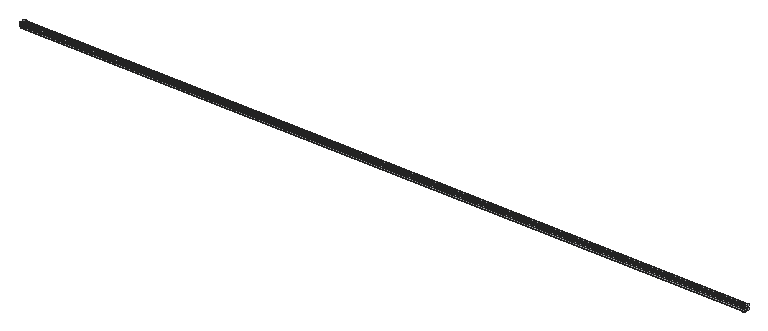
Revit family "Montageschiene 35- 42-1,5 fbv 6m Langloch 2D", category HLS-Bauteile, Revit 2023
Family settings
  Bemaßung runder Anschluss = Durchmesser verwenden
  Teiletyp = Normal
  Arbeitsebenenbasiert = Ja
  Immer vertikal = Nein
  Beim Laden mit Abzugskörper schneiden = Nein
  Beschriftungsausrichtung beibehalten = Nein
  Gemeinsam genutzt = Ja
  Raumberechnungspunkt = Nein
Parameters (values of type "Stex 35- 42-1,5 fbv L=6000")
  vpe = "48"
  Widerstandsmoment Wz = "2.31 cm³"
  Widerstandsmoment Wy = "1.87 cm³"
  Default Elevation = 1219.2 mm
  Trägheitsradius iz = "1.43 cm"
  Trägheitsradius iy = "1.44 cm"
  Torsionswiderstandsmoment Wt = " cm³"
  Stärke = 1.5 mm
  Streckgrenze = "250 N/mm²"
  Schwerpunktabstand ez = "1.75 cm"
  Schwerpunktabstand eu = "2.23 cm"
  Schwerpunktabstand eo = "1.97 cm"
  Schlitzbreite = "22 mm"
  Regelhalter [instance] = ""
  Profiltyp = "35/42"
  Profil = "C-Profil"
  Oberflaeche = "feuerbandverzinkt"
  Montagelänge [instance] = 6000 mm
  Mengeneinheit = "m"
  Materialname = "S250"
  Material = "Stahl"
  Länge = 6000 mm
  Lochdurchmesser 2 = 10.5 mm
  Lochdurchmesser 1 = 8.5 mm
  Lochdurchmesser = "8.5 mm"
  Langloch = "8.5 x 15.0 mm"
  Kurztext2 = "35 / 42 / 1,5 mm L= 6 m fbv"
  Kurztext1 = "Montageschiene C-Profil Stex "
  Höhe = "42 mm"
  Gewicht pro Stück [instance] = (Gewicht * Montagelänge / (1000 mm * 1000 mm)) * 1000 mm  # 9.78 kg
  Gewicht pro Bauteil [instance] = Gewicht pro Stück  # 9.78 kg
  Gewicht = 1.63 kg
  Gesamtlänge [instance] = Montagelänge  # 6000 mm
  Gesamtgewicht [instance] = Gewicht pro Bauteil  # 9.78 kg
  Fläche (schwächster Profilquerschnitt) = 0.000199 m²
  Firma = "MEFA Befestigungs- und Montagesysteme GmbH"
  Fabrikat = "MEFA"
  Erweiterung Langloch = " mm"
  EAN = "4250928424464"
  Bund = "360 m"
  Breite = 35 mm
  Artikelnummer = "12735426"
  Anzahl Langloch [instance] = Montagelänge / 75 mm  # 80
  Abmessung = "35/42/1.5 mm"
Reference planes
  plane 1 "Mitte (Vorne/hinten)": y = 0
  plane 2: z = 0
  plane 3 "Mitte (Links/rechts)": x = 0
  plane 4: x = 6000
Forms (mm)
  Extrusion 1, solid, detail levels fine
    sketch origin (0, 0, 0) x (0, 1, 0) y (0, 0, 1)
      loop
        line (0, 0) -> (15.501, 0)
        arc (15.501, 0) -> (16.915, 0.585) -> (17.5, 1.999) r 1.999
        line (17.5, 1.999) -> (17.5, 11.242)
        arc (17.5, 11.242) -> (16.927, 12.627) -> (15.542, 13.2) r 1.958
        line (15.542, 13.2) -> (13.9, 13.2)
        arc (13.9, 13.2) -> (13.546, 13.346) -> (13.4, 13.7) r 0.5
        line (13.4, 13.7) -> (13.4, 28.3)
        arc (13.4, 28.3) -> (13.546, 28.654) -> (13.9, 28.8) r 0.5
        line (13.9, 28.8) -> (15.546, 28.8)
        arc (15.546, 28.8) -> (16.928, 29.372) -> (17.5, 30.754) r 1.954
        line (17.5, 30.754) -> (17.5, 39.978)
        arc (17.5, 39.978) -> (16.908, 41.408) -> (15.478, 42) r 2.022
        line (15.478, 42) -> (12.519, 42)
        arc (12.519, 42) -> (11.144, 40.5) -> (12.519, 39) r 1.506
        line (12.519, 39) -> (14.8, 39) -> (14.8, 40.5) -> (16, 40.5) -> (16, 30.833)
        arc (16, 30.833) -> (15.844, 30.456) -> (15.467, 30.3) r 0.533
        line (15.467, 30.3) -> (13.89, 30.3)
        arc (13.89, 30.3) -> (12.483, 29.717) -> (11.9, 28.31) r 1.99
        line (11.9, 28.31) -> (11.9, 13.682)
        arc (11.9, 13.682) -> (12.481, 12.281) -> (13.882, 11.7) r 1.982
        line (13.882, 11.7) -> (15.5, 11.7)
        arc (15.5, 11.7) -> (15.854, 11.554) -> (16, 11.2) r 0.5
        line (16, 11.2) -> (16, 2)
        arc (16, 2) -> (15.854, 1.646) -> (15.5, 1.5) r 0.5
        line (15.5, 1.5) -> (-15.5, 1.5)
        arc (-15.5, 1.5) -> (-15.854, 1.646) -> (-16, 2) r 0.5
        line (-16, 2) -> (-16, 11.2)
        arc (-16, 11.2) -> (-15.854, 11.554) -> (-15.5, 11.7) r 0.5
        line (-15.5, 11.7) -> (-13.876, 11.7)
        arc (-13.876, 11.7) -> (-12.479, 12.279) -> (-11.9, 13.676) r 1.976
        line (-11.9, 13.676) -> (-11.9, 28.263)
        arc (-11.9, 28.263) -> (-12.497, 29.703) -> (-13.937, 30.3) r 2.037
        line (-13.937, 30.3) -> (-15.5, 30.3)
        arc (-15.5, 30.3) -> (-15.854, 30.446) -> (-16, 30.8) r 0.5
        line (-16, 30.8) -> (-16, 40.5) -> (-14.8, 40.5) -> (-14.8, 39) -> (-12.519, 39)
        arc (-12.519, 39) -> (-11.144, 40.5) -> (-12.519, 42) r 1.506
        line (-12.519, 42) -> (-15.516, 42)
        arc (-15.516, 42) -> (-16.919, 41.419) -> (-17.5, 40.016) r 1.984
        line (-17.5, 40.016) -> (-17.5, 30.836)
        arc (-17.5, 30.836) -> (-16.904, 29.396) -> (-15.464, 28.8) r 2.036
        line (-15.464, 28.8) -> (-13.9, 28.8)
        arc (-13.9, 28.8) -> (-13.546, 28.654) -> (-13.4, 28.3) r 0.5
        line (-13.4, 28.3) -> (-13.4, 13.7)
        arc (-13.4, 13.7) -> (-13.546, 13.346) -> (-13.9, 13.2) r 0.5
        line (-13.9, 13.2) -> (-15.458, 13.2)
        arc (-15.458, 13.2) -> (-16.902, 12.602) -> (-17.5, 11.158) r 2.042
        line (-17.5, 11.158) -> (-17.5, 2.039)
        arc (-17.5, 2.039) -> (-16.903, 0.597) -> (-15.461, 0) r 2.039
        line (-15.461, 0) -> (0, 0)
    from 0 to 6000
  Extrusion 2, solid, detail levels medium
    sketch origin (0, 0, 0) x (0, 1, 0) y (0, 0, 1)
      loop
        line (0, 0) -> (17.5, 0) -> (17.5, 42) -> (11.15, 42) -> (11.15, 39) -> (16, 39) -> (16, 1.5) -> (-16, 1.5) -> (-16, 39) -> (-11.15, 39) -> (-11.15, 42) -> (-17.5, 42) -> (-17.5, 0) -> (0, 0)
    from 0 to 6000
  Extrusion 3, solid, detail levels coarse
    sketch origin (0, 0, 0) x (0, 1, 0) y (0, 0, 1)
      loop
        line (0, 0) -> (17.5, 0) -> (17.5, 42) -> (-17.5, 42) -> (-17.5, 0) -> (0, 0)
    from 0 to 6000
Dimensions and locks
  "Montagelänge": plane 4 to plane 3 "Mitte (Links/rechts)"
  equal spacing: group 1, group 2, group 3, group 4, group 5, group 6, group 7, group 8, group 9, group 10, group 11, group 12, group 13, group 14, group 15, group 16, group 17, group 18, group 19, group 20, group 21, group 22, group 23, group 24, group 25, group 26, group 27, group 28, group 29, group 30, group 31, group 32, group 33, group 34, group 35, group 36, group 37, group 38, group 39, group 40, group 41, group 42, group 43, group 44, group 45, group 46, group 47, group 48, group 49, group 50, group 51, group 52, group 53, group 54, group 55, group 56, group 57, group 58, group 59, group 60, group 61, group 62, group 63, group 64, group 65, group 66, group 67, group 68, group 69, group 70, group 71, group 72, group 73, group 74, group 75, group 76, group 77, group 78, group 79, group 80  (x3)
  aligned and locked: level to plane 2
  aligned and locked: plane 4 to Extrusion 1
  aligned and locked: plane 4 to Extrusion 2
  aligned and locked: plane 4 to Extrusion 3
  aligned and locked: nested 1 to plane 1 "Mitte (Vorne/hinten)"
Automatic sketch dimensions
  Extrusion 2 sketch curve to level = 0 mm
  Extrusion 2 sketch curve to plane 1 "Mitte (Vorne/hinten)" = 0 mm
  Extrusion 2 sketch curve to plane 1 "Mitte (Vorne/hinten)" = 11.15 mm
  level to Extrusion 2 sketch curve = 1.5 mm
  Extrusion 2 sketch curve to Extrusion 2 sketch curve = 3 mm  (x2)
  plane 1 "Mitte (Vorne/hinten)" to Extrusion 2 sketch curve = 11.15 mm
  Extrusion 2 sketch curve to Extrusion 2 sketch curve = 37.5 mm  (x2)
  Extrusion 2 sketch curve to Extrusion 2 sketch curve = 1.5 mm  (x2)
  Extrusion 2 sketch curve to Extrusion 2 sketch curve = 4.85 mm
  plane 1 "Mitte (Vorne/hinten)" to Extrusion 2 sketch curve = 16 mm
  Extrusion 3 sketch curve to level = 0 mm
  Extrusion 3 sketch curve to plane 1 "Mitte (Vorne/hinten)" = 0 mm
  Extrusion 3 sketch curve to Extrusion 3 sketch curve = 35 mm
  Extrusion 3 sketch curve to plane 1 "Mitte (Vorne/hinten)" = 17.5 mm
  level to Extrusion 3 sketch curve = 42 mm
  Extrusion 1 sketch curve to level = 0 mm
  Extrusion 1 sketch curve to plane 1 "Mitte (Vorne/hinten)" = 0 mm
  plane 1 "Mitte (Vorne/hinten)" to Extrusion 1 sketch curve = 11.9 mm
  Extrusion 1 sketch curve to Extrusion 1 sketch curve = 0.619 mm
  Extrusion 1 sketch curve to Extrusion 1 sketch curve = 0.131 mm  (x2)
  Extrusion 1 sketch curve to Extrusion 1 sketch curve = 1.5 mm  (x6)
  Extrusion 1 sketch curve to Extrusion 1 sketch curve = 0.476 mm
  Extrusion 1 sketch curve to Extrusion 1 sketch curve = 0.5 mm  (x3)
  Extrusion 1 sketch curve to Extrusion 1 sketch curve = 0.024 mm
  Extrusion 1 sketch curve to Extrusion 1 sketch curve = 0.037 mm  (x2)
  Extrusion 1 sketch curve to Extrusion 1 sketch curve = 2.281 mm
  Extrusion 1 sketch curve to Extrusion 1 sketch curve = 1.582 mm
  level to Extrusion 1 sketch curve = 2.039 mm
  Extrusion 1 sketch curve to Extrusion 1 sketch curve = 0.004 mm
  Extrusion 1 sketch curve to Extrusion 1 sketch curve = 1.527 mm
  Extrusion 1 sketch curve to Extrusion 1 sketch curve = 0.039 mm
  Extrusion 1 sketch curve to Extrusion 1 sketch curve = 0.036 mm
  Extrusion 1 sketch curve to Extrusion 1 sketch curve = 0.042 mm  (x4)
  Extrusion 1 sketch curve to Extrusion 1 sketch curve = 0.716 mm
  Extrusion 1 sketch curve to plane 1 "Mitte (Vorne/hinten)" = 11.9 mm
  Extrusion 1 sketch curve to Extrusion 1 sketch curve = 0.482 mm
  Extrusion 1 sketch curve to Extrusion 1 sketch curve = 0.49 mm
  Extrusion 1 sketch curve to Extrusion 1 sketch curve = 0.01 mm  (x2)
  Extrusion 1 sketch curve to Extrusion 1 sketch curve = 0.018 mm
  Extrusion 1 sketch curve to Extrusion 1 sketch curve = 2.15 mm
  Extrusion 1 sketch curve to Extrusion 1 sketch curve = 1.576 mm
  Extrusion 1 sketch curve to Extrusion 1 sketch curve = 0.678 mm
  level to Extrusion 1 sketch curve = 2 mm
  Extrusion 1 sketch curve to Extrusion 1 sketch curve = 1.618 mm  (x2)
  Extrusion 1 sketch curve to Extrusion 1 sketch curve = 0.001 mm
  Extrusion 1 sketch curve to Extrusion 1 sketch curve = 0.08 mm
  Extrusion 1 sketch curve to Extrusion 1 sketch curve = 0.458 mm
  Extrusion 1 sketch curve to Extrusion 1 sketch curve = 0.522 mm  (x2)
  Extrusion 1 sketch curve to Extrusion 1 sketch curve = 9.119 mm
  Extrusion 1 sketch curve to Extrusion 1 sketch curve = 9.2 mm
  Extrusion 1 sketch curve to Extrusion 1 sketch curve = 14.563 mm
  Extrusion 1 sketch curve to Extrusion 1 sketch curve = 14.6 mm
  Extrusion 1 sketch curve to Extrusion 1 sketch curve = 8.167 mm
  Extrusion 1 sketch curve to Extrusion 1 sketch curve = 8.164 mm
  Extrusion 1 sketch curve to Extrusion 1 sketch curve = 0.978 mm
  Extrusion 1 sketch curve to Extrusion 1 sketch curve = 1.016 mm
  Extrusion 1 sketch curve to Extrusion 1 sketch curve = 0.484 mm
  Extrusion 1 sketch curve to Extrusion 1 sketch curve = 0 mm  (x2)
  Extrusion 1 sketch curve to Extrusion 1 sketch curve = 1.372 mm
Nested families
  nested 1: "Lochung Stex 35 2D" at (37.5, 0, 0) x (1, 0, 0) z (0, 0, -1), type "Lochung Stex 35 2D", detail levels fine
  nested 2: "Lochung Stex 35 2D" at (112.5, 0, 0) x (1, 0, 0) z (0, 0, -1), type "Lochung Stex 35 2D", detail levels fine
  nested 3: "Lochung Stex 35 2D" at (187.5, 0, 0) x (1, 0, 0) z (0, 0, -1), type "Lochung Stex 35 2D", detail levels fine
  nested 4: "Lochung Stex 35 2D" at (262.5, 0, 0) x (1, 0, 0) z (0, 0, -1), type "Lochung Stex 35 2D", detail levels fine
  nested 5: "Lochung Stex 35 2D" at (337.5, 0, 0) x (1, 0, 0) z (0, 0, -1), type "Lochung Stex 35 2D", detail levels fine
  nested 6: "Lochung Stex 35 2D" at (412.5, 0, 0) x (1, 0, 0) z (0, 0, -1), type "Lochung Stex 35 2D", detail levels fine
  nested 7: "Lochung Stex 35 2D" at (487.5, 0, 0) x (1, 0, 0) z (0, 0, -1), type "Lochung Stex 35 2D", detail levels fine
  nested 8: "Lochung Stex 35 2D" at (562.5, 0, 0) x (1, 0, 0) z (0, 0, -1), type "Lochung Stex 35 2D", detail levels fine
  nested 9: "Lochung Stex 35 2D" at (637.5, 0, 0) x (1, 0, 0) z (0, 0, -1), type "Lochung Stex 35 2D", detail levels fine
  nested 10: "Lochung Stex 35 2D" at (712.5, 0, 0) x (1, 0, 0) z (0, 0, -1), type "Lochung Stex 35 2D", detail levels fine
  nested 11: "Lochung Stex 35 2D" at (787.5, 0, 0) x (1, 0, 0) z (0, 0, -1), type "Lochung Stex 35 2D", detail levels fine
  nested 12: "Lochung Stex 35 2D" at (862.5, 0, 0) x (1, 0, 0) z (0, 0, -1), type "Lochung Stex 35 2D", detail levels fine
  nested 13: "Lochung Stex 35 2D" at (937.5, 0, 0) x (1, 0, 0) z (0, 0, -1), type "Lochung Stex 35 2D", detail levels fine
  nested 14: "Lochung Stex 35 2D" at (1012.5, 0, 0) x (1, 0, 0) z (0, 0, -1), type "Lochung Stex 35 2D", detail levels fine
  nested 15: "Lochung Stex 35 2D" at (1087.5, 0, 0) x (1, 0, 0) z (0, 0, -1), type "Lochung Stex 35 2D", detail levels fine
  nested 16: "Lochung Stex 35 2D" at (1162.5, 0, 0) x (1, 0, 0) z (0, 0, -1), type "Lochung Stex 35 2D", detail levels fine
  nested 17: "Lochung Stex 35 2D" at (1237.5, 0, 0) x (1, 0, 0) z (0, 0, -1), type "Lochung Stex 35 2D", detail levels fine
  nested 18: "Lochung Stex 35 2D" at (1312.5, 0, 0) x (1, 0, 0) z (0, 0, -1), type "Lochung Stex 35 2D", detail levels fine
  nested 19: "Lochung Stex 35 2D" at (1387.5, 0, 0) x (1, 0, 0) z (0, 0, -1), type "Lochung Stex 35 2D", detail levels fine
  nested 20: "Lochung Stex 35 2D" at (1462.5, 0, 0) x (1, 0, 0) z (0, 0, -1), type "Lochung Stex 35 2D", detail levels fine
  nested 21: "Lochung Stex 35 2D" at (1537.5, 0, 0) x (1, 0, 0) z (0, 0, -1), type "Lochung Stex 35 2D", detail levels fine
  nested 22: "Lochung Stex 35 2D" at (1612.5, 0, 0) x (1, 0, 0) z (0, 0, -1), type "Lochung Stex 35 2D", detail levels fine
  nested 23: "Lochung Stex 35 2D" at (1687.5, 0, 0) x (1, 0, 0) z (0, 0, -1), type "Lochung Stex 35 2D", detail levels fine
  nested 24: "Lochung Stex 35 2D" at (1762.5, 0, 0) x (1, 0, 0) z (0, 0, -1), type "Lochung Stex 35 2D", detail levels fine
  nested 25: "Lochung Stex 35 2D" at (1837.5, 0, 0) x (1, 0, 0) z (0, 0, -1), type "Lochung Stex 35 2D", detail levels fine
  nested 26: "Lochung Stex 35 2D" at (1912.5, 0, 0) x (1, 0, 0) z (0, 0, -1), type "Lochung Stex 35 2D", detail levels fine
  nested 27: "Lochung Stex 35 2D" at (1987.5, 0, 0) x (1, 0, 0) z (0, 0, -1), type "Lochung Stex 35 2D", detail levels fine
  nested 28: "Lochung Stex 35 2D" at (2062.5, 0, 0) x (1, 0, 0) z (0, 0, -1), type "Lochung Stex 35 2D", detail levels fine
  nested 29: "Lochung Stex 35 2D" at (2137.5, 0, 0) x (1, 0, 0) z (0, 0, -1), type "Lochung Stex 35 2D", detail levels fine
  nested 30: "Lochung Stex 35 2D" at (2212.5, 0, 0) x (1, 0, 0) z (0, 0, -1), type "Lochung Stex 35 2D", detail levels fine
  nested 31: "Lochung Stex 35 2D" at (2287.5, 0, 0) x (1, 0, 0) z (0, 0, -1), type "Lochung Stex 35 2D", detail levels fine
  nested 32: "Lochung Stex 35 2D" at (2362.5, 0, 0) x (1, 0, 0) z (0, 0, -1), type "Lochung Stex 35 2D", detail levels fine
  nested 33: "Lochung Stex 35 2D" at (2437.5, 0, 0) x (1, 0, 0) z (0, 0, -1), type "Lochung Stex 35 2D", detail levels fine
  nested 34: "Lochung Stex 35 2D" at (2512.5, 0, 0) x (1, 0, 0) z (0, 0, -1), type "Lochung Stex 35 2D", detail levels fine
  nested 35: "Lochung Stex 35 2D" at (2587.5, 0, 0) x (1, 0, 0) z (0, 0, -1), type "Lochung Stex 35 2D", detail levels fine
  nested 36: "Lochung Stex 35 2D" at (2662.5, 0, 0) x (1, 0, 0) z (0, 0, -1), type "Lochung Stex 35 2D", detail levels fine
  nested 37: "Lochung Stex 35 2D" at (2737.5, 0, 0) x (1, 0, 0) z (0, 0, -1), type "Lochung Stex 35 2D", detail levels fine
  nested 38: "Lochung Stex 35 2D" at (2812.5, 0, 0) x (1, 0, 0) z (0, 0, -1), type "Lochung Stex 35 2D", detail levels fine
  nested 39: "Lochung Stex 35 2D" at (2887.5, 0, 0) x (1, 0, 0) z (0, 0, -1), type "Lochung Stex 35 2D", detail levels fine
  nested 40: "Lochung Stex 35 2D" at (2962.5, 0, 0) x (1, 0, 0) z (0, 0, -1), type "Lochung Stex 35 2D", detail levels fine
  nested 41: "Lochung Stex 35 2D" at (3037.5, 0, 0) x (1, 0, 0) z (0, 0, -1), type "Lochung Stex 35 2D", detail levels fine
  nested 42: "Lochung Stex 35 2D" at (3112.5, 0, 0) x (1, 0, 0) z (0, 0, -1), type "Lochung Stex 35 2D", detail levels fine
  nested 43: "Lochung Stex 35 2D" at (3187.5, 0, 0) x (1, 0, 0) z (0, 0, -1), type "Lochung Stex 35 2D", detail levels fine
  nested 44: "Lochung Stex 35 2D" at (3262.5, 0, 0) x (1, 0, 0) z (0, 0, -1), type "Lochung Stex 35 2D", detail levels fine
  nested 45: "Lochung Stex 35 2D" at (3337.5, 0, 0) x (1, 0, 0) z (0, 0, -1), type "Lochung Stex 35 2D", detail levels fine
  nested 46: "Lochung Stex 35 2D" at (3412.5, 0, 0) x (1, 0, 0) z (0, 0, -1), type "Lochung Stex 35 2D", detail levels fine
  nested 47: "Lochung Stex 35 2D" at (3487.5, 0, 0) x (1, 0, 0) z (0, 0, -1), type "Lochung Stex 35 2D", detail levels fine
  nested 48: "Lochung Stex 35 2D" at (3562.5, 0, 0) x (1, 0, 0) z (0, 0, -1), type "Lochung Stex 35 2D", detail levels fine
  nested 49: "Lochung Stex 35 2D" at (3637.5, 0, 0) x (1, 0, 0) z (0, 0, -1), type "Lochung Stex 35 2D", detail levels fine
  nested 50: "Lochung Stex 35 2D" at (3712.5, 0, 0) x (1, 0, 0) z (0, 0, -1), type "Lochung Stex 35 2D", detail levels fine
  nested 51: "Lochung Stex 35 2D" at (3787.5, 0, 0) x (1, 0, 0) z (0, 0, -1), type "Lochung Stex 35 2D", detail levels fine
  nested 52: "Lochung Stex 35 2D" at (3862.5, 0, 0) x (1, 0, 0) z (0, 0, -1), type "Lochung Stex 35 2D", detail levels fine
  nested 53: "Lochung Stex 35 2D" at (3937.5, 0, 0) x (1, 0, 0) z (0, 0, -1), type "Lochung Stex 35 2D", detail levels fine
  nested 54: "Lochung Stex 35 2D" at (4012.5, 0, 0) x (1, 0, 0) z (0, 0, -1), type "Lochung Stex 35 2D", detail levels fine
  nested 55: "Lochung Stex 35 2D" at (4087.5, 0, 0) x (1, 0, 0) z (0, 0, -1), type "Lochung Stex 35 2D", detail levels fine
  nested 56: "Lochung Stex 35 2D" at (4162.5, 0, 0) x (1, 0, 0) z (0, 0, -1), type "Lochung Stex 35 2D", detail levels fine
  nested 57: "Lochung Stex 35 2D" at (4237.5, 0, 0) x (1, 0, 0) z (0, 0, -1), type "Lochung Stex 35 2D", detail levels fine
  nested 58: "Lochung Stex 35 2D" at (4312.5, 0, 0) x (1, 0, 0) z (0, 0, -1), type "Lochung Stex 35 2D", detail levels fine
  nested 59: "Lochung Stex 35 2D" at (4387.5, 0, 0) x (1, 0, 0) z (0, 0, -1), type "Lochung Stex 35 2D", detail levels fine
  nested 60: "Lochung Stex 35 2D" at (4462.5, 0, 0) x (1, 0, 0) z (0, 0, -1), type "Lochung Stex 35 2D", detail levels fine
  nested 61: "Lochung Stex 35 2D" at (4537.5, 0, 0) x (1, 0, 0) z (0, 0, -1), type "Lochung Stex 35 2D", detail levels fine
  nested 62: "Lochung Stex 35 2D" at (4612.5, 0, 0) x (1, 0, 0) z (0, 0, -1), type "Lochung Stex 35 2D", detail levels fine
  nested 63: "Lochung Stex 35 2D" at (4687.5, 0, 0) x (1, 0, 0) z (0, 0, -1), type "Lochung Stex 35 2D", detail levels fine
  nested 64: "Lochung Stex 35 2D" at (4762.5, 0, 0) x (1, 0, 0) z (0, 0, -1), type "Lochung Stex 35 2D", detail levels fine
  nested 65: "Lochung Stex 35 2D" at (4837.5, 0, 0) x (1, 0, 0) z (0, 0, -1), type "Lochung Stex 35 2D", detail levels fine
  nested 66: "Lochung Stex 35 2D" at (4912.5, 0, 0) x (1, 0, 0) z (0, 0, -1), type "Lochung Stex 35 2D", detail levels fine
  nested 67: "Lochung Stex 35 2D" at (4987.5, 0, 0) x (1, 0, 0) z (0, 0, -1), type "Lochung Stex 35 2D", detail levels fine
  nested 68: "Lochung Stex 35 2D" at (5062.5, 0, 0) x (1, 0, 0) z (0, 0, -1), type "Lochung Stex 35 2D", detail levels fine
  nested 69: "Lochung Stex 35 2D" at (5137.5, 0, 0) x (1, 0, 0) z (0, 0, -1), type "Lochung Stex 35 2D", detail levels fine
  nested 70: "Lochung Stex 35 2D" at (5212.5, 0, 0) x (1, 0, 0) z (0, 0, -1), type "Lochung Stex 35 2D", detail levels fine
  nested 71: "Lochung Stex 35 2D" at (5287.5, 0, 0) x (1, 0, 0) z (0, 0, -1), type "Lochung Stex 35 2D", detail levels fine
  nested 72: "Lochung Stex 35 2D" at (5362.5, 0, 0) x (1, 0, 0) z (0, 0, -1), type "Lochung Stex 35 2D", detail levels fine
  nested 73: "Lochung Stex 35 2D" at (5437.5, 0, 0) x (1, 0, 0) z (0, 0, -1), type "Lochung Stex 35 2D", detail levels fine
  nested 74: "Lochung Stex 35 2D" at (5512.5, 0, 0) x (1, 0, 0) z (0, 0, -1), type "Lochung Stex 35 2D", detail levels fine
  nested 75: "Lochung Stex 35 2D" at (5587.5, 0, 0) x (1, 0, 0) z (0, 0, -1), type "Lochung Stex 35 2D", detail levels fine
  nested 76: "Lochung Stex 35 2D" at (5662.5, 0, 0) x (1, 0, 0) z (0, 0, -1), type "Lochung Stex 35 2D", detail levels fine
  nested 77: "Lochung Stex 35 2D" at (5737.5, 0, 0) x (1, 0, 0) z (0, 0, -1), type "Lochung Stex 35 2D", detail levels fine
  nested 78: "Lochung Stex 35 2D" at (5812.5, 0, 0) x (1, 0, 0) z (0, 0, -1), type "Lochung Stex 35 2D", detail levels fine
  nested 79: "Lochung Stex 35 2D" at (5887.5, 0, 0) x (1, 0, 0) z (0, 0, -1), type "Lochung Stex 35 2D", detail levels fine
  nested 80: "Lochung Stex 35 2D" at (5962.5, 0, 0) x (1, 0, 0) z (0, 0, -1), type "Lochung Stex 35 2D", detail levels fine
Definition of nested family "Lochung Stex 35 2D"
  Parameters (values of type "Lochung Stex 35 2D")
    Default Elevation = 1219.2 mm
  Reference planes
    plane 1 "Mitte (Vorne/hinten)": y = 0
    plane 2: z = 0
    plane 3 "Mitte (Links/rechts)": x = 0
  Forms (mm)
    Extrusion 1, solid
      sketch origin (0, 0, 0) x (1, 0, 0) y (0, 1, 0)
        loop
          line (-1219.2, 1219.2) -> (-1219.2, -1219.2) -> (1219.2, -1219.2) -> (1219.2, 1219.2) -> (-1219.2, 1219.2)
      from 0 to -304.8
  Lines and regions (mm)
    model lines, detail levels fine
      curve 1: line (-37.5, 0, 0) -> (37.5, 0, 0)
      curve 2: line (0, 5, 0) -> (0, -5, 0)
      curve 3: line (0, 0, 10) -> (0, 0, -10)
      curve 10: line (-25, 5, 0) -> (-25, -5, 0)
    model lines
      curve 4: circle (-25, 0, 0) r 4.25 normal (0, 0, 1)
      curve 5: circle (25, 0, 0) r 5.25 normal (0, 0, 1)
      curve 6: arc (-3.25, 4.25, 0) -> (-7.5, 0, 0) -> (-3.25, -4.25, 0) r 4.25
      curve 7: line (-3.25, 4.25, 0) -> (3.25, 4.25, 0)
      curve 8: line (3.25, -4.25, 0) -> (-3.25, -4.25, 0)
      curve 9: arc (3.25, 4.25, 0) -> (7.5, 0, 0) -> (3.25, -4.25, 0) r 4.25
      curve 11: line (25, 6.25, 0) -> (25, -6.25, 0)
  Dimensions and locks
    aligned and locked: plane 2 to Extrusion 1
    aligned and locked: level to Extrusion 1
